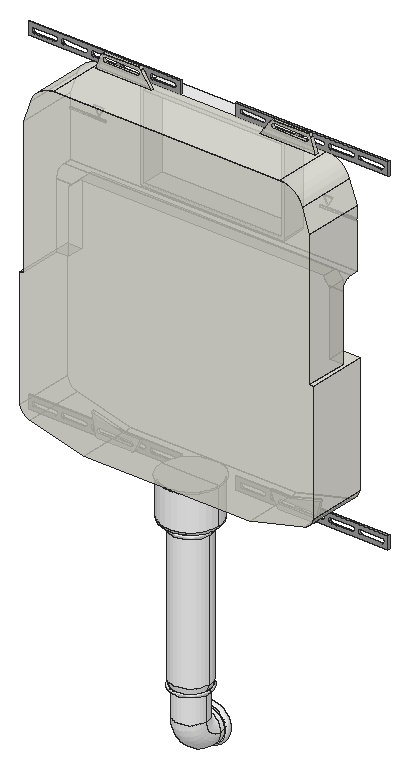
Revit family "Concealed Cistern - Back to Wall Pans", category Plumbing Fixtures, host Wall, Revit 2024
Family settings
  Host = Wall
  Round Connector Dimension = Use Diameter
  Part Type = Normal
  OmniClass Number = 23.45.00.00
  OmniClass Title = Sanitary, Laundry, and Cleaning Equipment
  Enable Cutting in Views = No
  Always vertical = Yes
  Cut with Voids When Loaded = No
  Maintain Annotation Orientation = No
  Shared = No
  Room Calculation Point = No
Parameters (values of type "Concealed Cistern - Back to Wall Pans")
  URL = "https://www.lecicosa.co.za/product/lecico-concealed-cistern-back-to-wall/"
  Technical Dimensions = "W460 x H545 x D93mm"
  Tank = Plastic
  Product Code = "LECCONCISBTW0BC"
  Model = "Concealed Cistern - Back to Wall Pans"
  Material = "HDPE (High-Density Polyethylene"
  Manufacturer = "Lecico SA"
  Drainage = PVC
  Default Elevation = 0 mm
  Created By = "Knowbility Skills Lab"
  Category = "Concealed Cisterns"
  Brackets = Steel
Reference planes
  plane 1: y = 0
  plane 2 "Center (Left/Right)": x = 125
  plane 3 "Back": y = 75
  plane 4: z = 1000
Lines and regions (mm)
  Opening 1
    outline origin (-5000, -75, 0) x (1, 0, 0) y (0, 0, 1)
      loop
        line (5425, 1150) -> (4825, 1150) -> (4825, 520) -> (5045, 520) -> (5045, 0) -> (5205, 0) -> (5205, 520) -> (5425, 520) -> (5425, 1150)
Text (mm)
  text "Placement side" at (-1787.139, 592.35, 0), in view "Ref. Level"
  text "Placement side" at (0, 230.823, 2917.686), in view "Left"
  text "Placement side" at (0, 562.268, 3853.606), in view "Right"
Dimensions and locks
  locked: plane 3 "Back" to host wall
  locked: level to plane 4 at 1000
  aligned and locked: host wall to plane 1
  aligned and locked: nested 1 to plane 2 "Center (Left/Right)"
  aligned and locked: host wall to nested 1
Nested families
  nested 1: "Concealed Cistern - CJ703" at (125, -53, 560.444) x (-1, 0, 0) z (0, 0, 1), type "Concealed Cistern - CJ703"
Definition of nested family "Concealed Cistern - CJ703"
  Parameters (values of type "Concealed Cistern - CJ703")
    Steel = none
    Pipes = none
    Enclosure = none
    Default Elevation = 0 mm
  Reference planes
    plane 1 "Center (Front/Back)": y = 0
    plane 2: z = 0
    plane 3 "Center (Left/Right)": x = 0
    plane 4: y = -93
    plane 5: x = -230
    plane 6: x = 230
    plane 7: z = 545
    plane 8: z = 22.5
    plane 9: z = 522.5
    plane 10: z = 439.556
  Forms (mm)
    Extrusion 1, solid, material <- "Enclosure"
      sketch origin (0, 0, 0) x (1, 0, 0) y (0, 0, 1)
        loop
          line (-130.261, 22.5) -> (130.261, 22.5) -> (214.559, 43.518)
          arc (214.559, 43.518) -> (224.7, 49.913) -> (230, 60.667) r 22.065
          line (230, 60.667) -> (230, 247.965) -> (205.783, 247.965) -> (205.783, 346.654) -> (192.376, 360.061) -> (-192.376, 360.061) -> (-204.186, 348.25) -> (-204.186, 247.965) -> (-230, 247.965) -> (-230, 60.667)
          arc (-230, 60.667) -> (-224.7, 49.913) -> (-214.559, 43.518) r 22.065
          line (-214.559, 43.518) -> (-130.261, 22.5)
      from 0 to 93
    Extrusion 2, solid, material <- "Enclosure"
      sketch origin (0, 0, 0) x (1, 0, 0) y (0, 0, 1)
        loop
          line (-225, 247.965) -> (225, 247.965) -> (225, 460.065) -> (213.605, 493.158)
          arc (213.605, 493.158) -> (199.911, 511.664) -> (178.079, 518.969) r 38.279
          line (178.079, 518.969) -> (-176.743, 518.969)
          arc (-176.743, 518.969) -> (-199.367, 512.052) -> (-213.605, 493.158) r 38.279
          line (-213.605, 493.158) -> (-225, 460.065) -> (-225, 247.965)
      from 0 to 93
    Extrusion 3, void
      sketch origin (0, 0, 0) x (0, 1, 0) y (0, 0, 1)
        loop
          line (-65.312, 247.965) -> (-65.312, 350.991)
          arc (-65.312, 350.991) -> (-69.86, 361.969) -> (-80.837, 366.516) r 15.525
          line (-80.837, 366.516) -> (-93, 366.516) -> (-93, 247.965) -> (-65.312, 247.965)
      from -309.726 to 250
    Extrusion 4, void
      sketch origin (0, 0, 0) x (1, 0, 0) y (0, 0, 1)
        loop
          line (-225, 438.056) -> (-167.956, 438.056) -> (-167.956, 441.056) -> (-225, 441.056) -> (-225, 438.056)
      from 91 to 93
    Extrusion 5, void
      sketch origin (0, 0, 0) x (1, 0, 0) y (0, 0, 1)
        loop
          line (-179.643, 442.959) -> (-171.355, 457.056) -> (-187.139, 457.056) -> (-179.643, 442.959)
      from 91 to 93
    Extrusion 6, void
      sketch origin (0, 0, 0) x (-1, 0, 0) y (0, 0, -1)
        loop
          line (-225, -438.056) -> (-225, -441.056) -> (-167.956, -441.056) -> (-167.956, -438.056) -> (-225, -438.056)
      from 91 to 93
    Extrusion 7, void
      sketch origin (0, 0, 0) x (-1, 0, 0) y (0, 0, -1)
        loop
          line (-179.643, -442.959) -> (-187.139, -457.056) -> (-171.355, -457.056) -> (-179.643, -442.959)
      from 91 to 93
    Extrusion 8, solid, material <- "Pipes"
      sketch origin (0, 0, 0) x (1, 0, 0) y (0, 0, 1)
        loop
          line (-108.014, 369.516) -> (111.773, 369.516)
          arc (111.773, 369.516) -> (113.894, 370.395) -> (114.773, 372.516) r 3
          line (114.773, 372.516) -> (114.773, 506.5)
          arc (114.773, 506.5) -> (113.894, 508.621) -> (111.773, 509.5) r 3
          line (111.773, 509.5) -> (-108.014, 509.5)
          arc (-108.014, 509.5) -> (-110.135, 508.621) -> (-111.014, 506.5) r 3
          line (-111.014, 506.5) -> (-111.014, 372.516)
          arc (-111.014, 372.516) -> (-110.135, 370.395) -> (-108.014, 369.516) r 3
        loop
          line (109.773, 504.5) -> (-106.014, 504.5) -> (-106.014, 374.516) -> (109.773, 374.516) -> (109.773, 504.5)
      from 93 to 128
    Extrusion 9, solid, material <- "Enclosure"
      sketch origin (0, 0, 0) x (1, 0, 0) y (0, 0, 1)
        loop
          line (-172.784, 518.969) -> (-85.082, 518.969) -> (-101.517, 542.441)
          arc (-101.517, 542.441) -> (-103.662, 544.322) -> (-106.432, 545) r 6
          line (-106.432, 545) -> (-161.208, 545)
          arc (-161.208, 545) -> (-163.268, 543.605) -> (-164.585, 541.495) r 6
          line (-164.585, 541.495) -> (-172.784, 518.969)
        loop
          arc (-157.413, 540.009) -> (-160.877, 536.545) -> (-157.413, 533.081) r 3.464
          line (-157.413, 533.081) -> (-107.413, 533.081)
          arc (-107.413, 533.081) -> (-103.949, 536.545) -> (-107.413, 540.009) r 3.464
          line (-107.413, 540.009) -> (-157.413, 540.009)
        loop
          line (172.784, 518.969) -> (164.585, 541.495)
          arc (164.585, 541.495) -> (163.268, 543.605) -> (161.208, 545) r 6
          line (161.208, 545) -> (106.432, 545)
          arc (106.432, 545) -> (103.662, 544.322) -> (101.517, 542.441) r 6
          line (101.517, 542.441) -> (85.082, 518.969) -> (172.784, 518.969)
        loop
          line (157.413, 540.009) -> (107.413, 540.009)
          arc (107.413, 540.009) -> (103.949, 536.545) -> (107.413, 533.081) r 3.464
          line (107.413, 533.081) -> (157.413, 533.081)
          arc (157.413, 533.081) -> (160.877, 536.545) -> (157.413, 540.009) r 3.464
        loop
          line (179.609, 34.804) -> (101.585, 22.5) -> (111.576, 3.237)
          arc (111.576, 3.237) -> (113.785, 0.873) -> (116.902, 0) r 6
          line (116.902, 0) -> (167.346, 0)
          arc (167.346, 0) -> (171.121, 1.337) -> (173.214, 4.751) r 6
          line (173.214, 4.751) -> (179.609, 34.804)
        loop
          arc (167.243, 7.755) -> (170.707, 11.219) -> (167.243, 14.683) r 3.464
          line (167.243, 14.683) -> (117.224, 14.683)
          arc (117.224, 14.683) -> (113.759, 11.219) -> (117.224, 7.755) r 3.464
          line (117.224, 7.755) -> (167.243, 7.755)
        loop
          line (-179.609, 34.804) -> (-173.214, 4.751)
          arc (-173.214, 4.751) -> (-171.121, 1.337) -> (-167.346, 0) r 6
          line (-167.346, 0) -> (-116.902, 0)
          arc (-116.902, 0) -> (-113.785, 0.873) -> (-111.576, 3.237) r 6
          line (-111.576, 3.237) -> (-101.585, 22.5) -> (-179.609, 34.804)
        loop
          line (-167.243, 7.755) -> (-117.224, 7.755)
          arc (-117.224, 7.755) -> (-113.759, 11.219) -> (-117.224, 14.683) r 3.464
          line (-117.224, 14.683) -> (-167.243, 14.683)
          arc (-167.243, 14.683) -> (-170.707, 11.219) -> (-167.243, 7.755) r 3.464
      from 76.779 to 81.748
    Extrusion 10, solid, material <- "Steel"
      sketch origin (0, -81.748, 0) x (1, 0, 0) y (0, 0, 1)
        loop
          line (-282.267, 526.233) -> (-43.563, 526.233) -> (-43.563, 546.233) -> (-282.267, 546.233) -> (-282.267, 526.233)
        loop
          arc (-272.452, 540.233) -> (-276.452, 536.233) -> (-272.452, 532.233) r 4
          line (-272.452, 532.233) -> (-239.908, 532.233)
          arc (-239.908, 532.233) -> (-235.908, 536.233) -> (-239.908, 540.233) r 4
          line (-239.908, 540.233) -> (-272.452, 540.233)
        loop
          arc (-226, 540.233) -> (-230, 536.233) -> (-226, 532.233) r 4
          line (-226, 532.233) -> (-193.456, 532.233)
          arc (-193.456, 532.233) -> (-189.456, 536.233) -> (-193.456, 540.233) r 4
          line (-193.456, 540.233) -> (-226, 540.233)
        loop
          arc (-179.286, 540.233) -> (-183.286, 536.233) -> (-179.286, 532.233) r 4
          line (-179.286, 532.233) -> (-146.742, 532.233)
          arc (-146.742, 532.233) -> (-142.742, 536.233) -> (-146.742, 540.233) r 4
          line (-146.742, 540.233) -> (-179.286, 540.233)
        loop
          arc (-133.631, 540.233) -> (-137.631, 536.233) -> (-133.631, 532.233) r 4
          line (-133.631, 532.233) -> (-101.088, 532.233)
          arc (-101.088, 532.233) -> (-97.088, 536.233) -> (-101.088, 540.233) r 4
          line (-101.088, 540.233) -> (-133.631, 540.233)
        loop
          arc (-86.634, 540.233) -> (-90.634, 536.233) -> (-86.634, 532.233) r 4
          line (-86.634, 532.233) -> (-54.09, 532.233)
          arc (-54.09, 532.233) -> (-50.09, 536.233) -> (-54.09, 540.233) r 4
          line (-54.09, 540.233) -> (-86.634, 540.233)
        loop
          line (282.267, 526.233) -> (282.267, 546.233) -> (43.563, 546.233) -> (43.563, 526.233) -> (282.267, 526.233)
        loop
          line (272.452, 540.233) -> (239.908, 540.233)
          arc (239.908, 540.233) -> (235.908, 536.233) -> (239.908, 532.233) r 4
          line (239.908, 532.233) -> (272.452, 532.233)
          arc (272.452, 532.233) -> (276.452, 536.233) -> (272.452, 540.233) r 4
        loop
          line (226, 540.233) -> (193.456, 540.233)
          arc (193.456, 540.233) -> (189.456, 536.233) -> (193.456, 532.233) r 4
          line (193.456, 532.233) -> (226, 532.233)
          arc (226, 532.233) -> (230, 536.233) -> (226, 540.233) r 4
        loop
          line (179.286, 540.233) -> (146.742, 540.233)
          arc (146.742, 540.233) -> (142.742, 536.233) -> (146.742, 532.233) r 4
          line (146.742, 532.233) -> (179.286, 532.233)
          arc (179.286, 532.233) -> (183.286, 536.233) -> (179.286, 540.233) r 4
        loop
          line (133.631, 540.233) -> (101.088, 540.233)
          arc (101.088, 540.233) -> (97.088, 536.233) -> (101.088, 532.233) r 4
          line (101.088, 532.233) -> (133.631, 532.233)
          arc (133.631, 532.233) -> (137.631, 536.233) -> (133.631, 540.233) r 4
        loop
          line (86.634, 540.233) -> (54.09, 540.233)
          arc (54.09, 540.233) -> (50.09, 536.233) -> (54.09, 532.233) r 4
          line (54.09, 532.233) -> (86.634, 532.233)
          arc (86.634, 532.233) -> (90.634, 536.233) -> (86.634, 540.233) r 4
        loop
          line (-282.267, 0.683) -> (-43.563, 0.683) -> (-43.563, 20.683) -> (-282.267, 20.683) -> (-282.267, 0.683)
        loop
          arc (-272.452, 14.683) -> (-276.452, 10.683) -> (-272.452, 6.683) r 4
          line (-272.452, 6.683) -> (-239.908, 6.683)
          arc (-239.908, 6.683) -> (-235.908, 10.683) -> (-239.908, 14.683) r 4
          line (-239.908, 14.683) -> (-272.452, 14.683)
        loop
          arc (-226, 14.683) -> (-230, 10.683) -> (-226, 6.683) r 4
          line (-226, 6.683) -> (-193.456, 6.683)
          arc (-193.456, 6.683) -> (-189.456, 10.683) -> (-193.456, 14.683) r 4
          line (-193.456, 14.683) -> (-226, 14.683)
        loop
          arc (-179.286, 14.683) -> (-183.286, 10.683) -> (-179.286, 6.683) r 4
          line (-179.286, 6.683) -> (-146.742, 6.683)
          arc (-146.742, 6.683) -> (-142.742, 10.683) -> (-146.742, 14.683) r 4
          line (-146.742, 14.683) -> (-179.286, 14.683)
        loop
          arc (-133.631, 14.683) -> (-137.631, 10.683) -> (-133.631, 6.683) r 4
          line (-133.631, 6.683) -> (-101.088, 6.683)
          arc (-101.088, 6.683) -> (-97.088, 10.683) -> (-101.088, 14.683) r 4
          line (-101.088, 14.683) -> (-133.631, 14.683)
        loop
          arc (-86.634, 14.683) -> (-90.634, 10.683) -> (-86.634, 6.683) r 4
          line (-86.634, 6.683) -> (-54.09, 6.683)
          arc (-54.09, 6.683) -> (-50.09, 10.683) -> (-54.09, 14.683) r 4
          line (-54.09, 14.683) -> (-86.634, 14.683)
        loop
          line (282.267, 0.683) -> (282.267, 20.683) -> (43.563, 20.683) -> (43.563, 0.683) -> (282.267, 0.683)
        loop
          line (272.452, 14.683) -> (239.908, 14.683)
          arc (239.908, 14.683) -> (235.908, 10.683) -> (239.908, 6.683) r 4
          line (239.908, 6.683) -> (272.452, 6.683)
          arc (272.452, 6.683) -> (276.452, 10.683) -> (272.452, 14.683) r 4
        loop
          line (226, 14.683) -> (193.456, 14.683)
          arc (193.456, 14.683) -> (189.456, 10.683) -> (193.456, 6.683) r 4
          line (193.456, 6.683) -> (226, 6.683)
          arc (226, 6.683) -> (230, 10.683) -> (226, 14.683) r 4
        loop
          line (179.286, 14.683) -> (146.742, 14.683)
          arc (146.742, 14.683) -> (142.742, 10.683) -> (146.742, 6.683) r 4
          line (146.742, 6.683) -> (179.286, 6.683)
          arc (179.286, 6.683) -> (183.286, 10.683) -> (179.286, 14.683) r 4
        loop
          line (133.631, 14.683) -> (101.088, 14.683)
          arc (101.088, 14.683) -> (97.088, 10.683) -> (101.088, 6.683) r 4
          line (101.088, 6.683) -> (133.631, 6.683)
          arc (133.631, 6.683) -> (137.631, 10.683) -> (133.631, 14.683) r 4
        loop
          line (86.634, 14.683) -> (54.09, 14.683)
          arc (54.09, 14.683) -> (50.09, 10.683) -> (54.09, 6.683) r 4
          line (54.09, 6.683) -> (86.634, 6.683)
          arc (86.634, 6.683) -> (90.634, 10.683) -> (86.634, 14.683) r 4
      from 0 to 2
    Revolve 11, solid, material <- "Pipes"
      sketch origin (0, -46.875, 0) x (1, 0, 0) y (0, 0, 1)
        loop
          line (25.894, -38.263) -> (40.563, -38.263)
          arc (40.563, -38.263) -> (42.685, -37.384) -> (43.563, -35.263) r 3
          line (43.563, -35.263) -> (43.563, 20)
          arc (43.563, 20) -> (44.296, 21.768) -> (46.063, 22.5) r 2.5
          line (46.063, 22.5) -> (0, 22.5) -> (0, -273.909) -> (28.988, -273.909)
          arc (28.988, -273.909) -> (30.579, -272.318) -> (28.988, -270.727) r 1.591
          line (28.988, -270.727) -> (27.531, -270.727) -> (29.876, -261.974) -> (29.876, -50.826)
          arc (29.876, -50.826) -> (31.909, -48.792) -> (29.876, -46.759) r 2.033
          line (29.876, -46.759) -> (25.894, -46.759) -> (25.894, -38.263)
        axis (0, 22.5) -> (0, -273.909)
      angle from 0 to 360
    Sweep 12, solid, material <- "Pipes"
      path origin (0, 0, 0) x (0, 1, 0) y (0, 0, 1)
        loop
          line (-46.875, -270.727) -> (-46.875, -315.89)
          arc (-46.875, -315.89) -> (-54.783, -334.982) -> (-73.875, -342.89) r 27
          line (-73.875, -342.89) -> (-91.404, -342.89)
      profile origin (0, -46.875, -293.308) x (1, 0, 0) y (0, 1, 0)
        loop
          circle (0, 0) r 25
        loop
          circle (0, 0) r 23
    Revolve 13, solid, material <- "Pipes"
      sketch origin (0, 0, 0) x (0, 1, 0) y (0, 0, 1)
        loop
          line (-91.404, -317.89) -> (-81.404, -317.89) -> (-81.404, -315.658)
          arc (-81.404, -315.658) -> (-86.404, -313.425) -> (-91.404, -315.658) r 6.716
          line (-91.404, -315.658) -> (-91.404, -317.89)
        axis (-81.404, -342.89) -> (-91.404, -342.89)
      angle from 0 to 360
  Cuts and joins
    Extrusion 3, Extrusion 4, Extrusion 5, Extrusion 6, Extrusion 7 cuts Extrusion 2
    joined: Extrusion 1, Extrusion 2, Extrusion 9
    joined: Sweep 12, Revolve 13
  Dimensions and locks
    locked: plane 4 to plane 1 "Center (Front/Back)" at 93
    equal spacing: plane 5, plane 3 "Center (Left/Right)", plane 6
    locked: plane 5 to plane 3 "Center (Left/Right)" at 230
    locked: plane 7 to plane 2 at 545
    locked: plane 9 to plane 8 at 500
    aligned and locked: level to plane 2
    aligned and locked: Extrusion 1 to plane 1 "Center (Front/Back)"
    aligned and locked: Extrusion 1 to plane 4
    aligned and locked: plane 4 to Extrusion 8
  Automatic sketch dimensions
    Extrusion 1 sketch curve to plane 5 = 0 mm
    Extrusion 1 sketch curve to plane 6 = 0 mm
    plane 5 to Extrusion 1 sketch curve = 15.441 mm
    plane 5 to Extrusion 1 sketch curve = 21.697 mm
    plane 5 to Extrusion 1 sketch curve = 25.814 mm
    Extrusion 1 sketch curve to Extrusion 1 sketch curve = 11.81 mm  (x2)
    Extrusion 1 sketch curve to plane 6 = 37.624 mm
    Extrusion 1 sketch curve to Extrusion 1 sketch curve = 13.407 mm
    Extrusion 1 sketch curve to plane 6 = 21.697 mm
    Extrusion 1 sketch curve to plane 6 = 15.441 mm
    plane 8 to Extrusion 1 sketch curve = 21.018 mm  (x2)
    Extrusion 1 sketch curve to Extrusion 1 sketch curve = 17.149 mm  (x2)
    Extrusion 1 sketch curve to Extrusion 1 sketch curve = 183.288 mm  (x2)
    Extrusion 1 sketch curve to Extrusion 1 sketch curve = 98.688 mm
    Extrusion 1 sketch curve to Extrusion 1 sketch curve = 100.285 mm
    plane 5 to Extrusion 2 sketch curve = 5 mm
    plane 5 to Extrusion 2 sketch curve = 16.395 mm
    Extrusion 2 sketch curve to Extrusion 2 sketch curve = 36.194 mm
    plane 9 to Extrusion 2 sketch curve = 3.531 mm
    Extrusion 2 sketch curve to Extrusion 2 sketch curve = 0.668 mm  (x2)
    Extrusion 2 sketch curve to plane 6 = 52.589 mm
    Extrusion 2 sketch curve to plane 6 = 16.395 mm
    Extrusion 2 sketch curve to plane 6 = 5 mm
    Extrusion 2 sketch curve to Extrusion 2 sketch curve = 25.811 mm  (x2)
    Extrusion 2 sketch curve to Extrusion 2 sketch curve = 33.093 mm  (x2)
    Extrusion 2 sketch curve to Extrusion 2 sketch curve = 212.1 mm
    Extrusion 3 sketch curve to plane 4 = 0 mm
    plane 4 to Extrusion 3 sketch curve = 12.163 mm
    Extrusion 3 sketch curve to Extrusion 3 sketch curve = 15.525 mm
    plane 8 to Extrusion 3 sketch curve = 225.465 mm
    Extrusion 3 sketch curve to Extrusion 3 sketch curve = 103.026 mm
    plane 5 to Extrusion 4 sketch curve = 5 mm
    Extrusion 4 sketch curve to Extrusion 4 sketch curve = 57.044 mm
    plane 9 to Extrusion 4 sketch curve = 84.444 mm
    Extrusion 4 sketch curve to Extrusion 4 sketch curve = 3 mm
    plane 5 to Extrusion 5 sketch curve = 42.861 mm
    Extrusion 5 sketch curve to Extrusion 5 sketch curve = 7.495 mm
    Extrusion 5 sketch curve to Extrusion 5 sketch curve = 15.784 mm
    plane 9 to Extrusion 5 sketch curve = 79.541 mm
    Extrusion 5 sketch curve to Extrusion 5 sketch curve = 14.097 mm
    Extrusion 6 sketch curve to plane 6 = 5 mm
    Extrusion 6 sketch curve to Extrusion 6 sketch curve = 57.044 mm
    plane 9 to Extrusion 6 sketch curve = 81.444 mm
    Extrusion 6 sketch curve to Extrusion 6 sketch curve = 3 mm
    Extrusion 7 sketch curve to plane 6 = 42.861 mm
    Extrusion 7 sketch curve to Extrusion 7 sketch curve = 7.495 mm
    Extrusion 7 sketch curve to Extrusion 7 sketch curve = 15.784 mm
    plane 9 to Extrusion 7 sketch curve = 65.444 mm
    Extrusion 7 sketch curve to Extrusion 7 sketch curve = 14.097 mm
    Extrusion 8 sketch curve to plane 3 "Center (Left/Right)" = 111.014 mm
    Extrusion 8 sketch curve to Extrusion 8 sketch curve = 3 mm
    plane 3 "Center (Left/Right)" to Extrusion 8 sketch curve = 111.773 mm
    plane 9 to Extrusion 8 sketch curve = 16 mm
    Extrusion 8 sketch curve to Extrusion 8 sketch curve = 133.984 mm
    Extrusion 9 sketch curve to level = 0 mm  (x2)
    Extrusion 9 sketch curve to plane 7 = 0 mm  (x2)
    Extrusion 9 sketch curve to plane 8 = 0 mm  (x2)
    plane 8 to Extrusion 9 sketch curve = 12.304 mm  (x2)
    plane 5 to Extrusion 9 sketch curve = 50.391 mm
    level to Extrusion 9 sketch curve = 4.751 mm  (x2)
    Extrusion 9 sketch curve to Extrusion 9 sketch curve = 6.395 mm
    plane 9 to Extrusion 9 sketch curve = 3.531 mm  (x2)
    plane 5 to Extrusion 9 sketch curve = 57.216 mm
    level to Extrusion 9 sketch curve = 6 mm
    Extrusion 9 sketch curve to Extrusion 9 sketch curve = 0.103 mm  (x2)
    Extrusion 9 sketch curve to plane 7 = 3.505 mm  (x2)
    Extrusion 9 sketch curve to Extrusion 9 sketch curve = 8.199 mm
    Extrusion 9 sketch curve to Extrusion 9 sketch curve = 3.376 mm  (x2)
    Extrusion 9 sketch curve to plane 7 = 5.557 mm
    Extrusion 9 sketch curve to Extrusion 9 sketch curve = 1.534 mm  (x2)
    Extrusion 9 sketch curve to plane 8 = 7.817 mm
    Extrusion 9 sketch curve to Extrusion 9 sketch curve = 50.019 mm  (x2)
    Extrusion 9 sketch curve to Extrusion 9 sketch curve = 0.322 mm  (x2)
    level to Extrusion 9 sketch curve = 3.237 mm  (x2)
    Extrusion 9 sketch curve to Extrusion 9 sketch curve = 5.326 mm  (x2)
    Extrusion 9 sketch curve to plane 7 = 8.455 mm
    Extrusion 9 sketch curve to Extrusion 9 sketch curve = 50 mm  (x2)
    Extrusion 9 sketch curve to Extrusion 9 sketch curve = 0.981 mm  (x2)
    Extrusion 9 sketch curve to Extrusion 9 sketch curve = 15.639 mm
    Extrusion 9 sketch curve to plane 7 = 2.559 mm  (x2)
    Extrusion 9 sketch curve to Extrusion 9 sketch curve = 4.915 mm
    Extrusion 9 sketch curve to Extrusion 9 sketch curve = 22.331 mm
    plane 3 "Center (Left/Right)" to Extrusion 9 sketch curve = 85.082 mm
    Extrusion 9 sketch curve to Extrusion 9 sketch curve = 16.436 mm
    plane 3 "Center (Left/Right)" to Extrusion 9 sketch curve = 101.585 mm
    Extrusion 9 sketch curve to plane 7 = 6 mm
    Extrusion 9 sketch curve to Extrusion 9 sketch curve = 9.991 mm
    Extrusion 9 sketch curve to plane 7 = 4.991 mm
    Extrusion 9 sketch curve to Extrusion 9 sketch curve = 2.262 mm
    level to Extrusion 9 sketch curve = 7.755 mm
    Extrusion 9 sketch curve to Extrusion 9 sketch curve = 15.371 mm
    Extrusion 9 sketch curve to Extrusion 9 sketch curve = 5.869 mm
    Extrusion 9 sketch curve to Extrusion 9 sketch curve = 12.366 mm
    Extrusion 9 sketch curve to Extrusion 9 sketch curve = 1.755 mm
    Extrusion 9 sketch curve to Extrusion 9 sketch curve = 3.464 mm  (x2)
    Extrusion 9 sketch curve to Extrusion 9 sketch curve = 6.362 mm
    plane 8 to Extrusion 1 sketch curve = 0 mm
    Extrusion 1 sketch curve to Extrusion 1 sketch curve = 84.297 mm  (x2)
    Extrusion 10 sketch curve to Extrusion 9 = 6.848 mm  (x2)
    Extrusion 10 sketch curve to Extrusion 9 = 1.867 mm
    Extrusion 10 sketch curve to Extrusion 9 = 6 mm  (x2)
    Extrusion 10 sketch curve to Extrusion 10 sketch curve = 0 mm
    Extrusion 10 sketch curve to Extrusion 9 = 0.224 mm  (x7)
    Extrusion 10 sketch curve to Extrusion 10 sketch curve = 9.815 mm  (x4)
    Extrusion 9 to Extrusion 10 sketch curve = 8 mm  (x7)
    Extrusion 10 sketch curve to Extrusion 10 sketch curve = 32.544 mm  (x20)
    Extrusion 10 sketch curve to Extrusion 10 sketch curve = 13.908 mm  (x4)
    Extrusion 9 to Extrusion 10 sketch curve = 4 mm  (x6)
    Extrusion 10 sketch curve to Extrusion 9 = 0 mm  (x5)
    Extrusion 9 to Extrusion 10 sketch curve = 3.152 mm  (x6)
    Extrusion 10 sketch curve to Extrusion 10 sketch curve = 14.17 mm  (x4)
    Extrusion 10 sketch curve to Extrusion 9 = 0.848 mm  (x7)
    Extrusion 10 sketch curve to Extrusion 10 sketch curve = 13.111 mm  (x4)
    Extrusion 10 sketch curve to Extrusion 10 sketch curve = 14.454 mm  (x4)
    Extrusion 10 sketch curve to Extrusion 10 sketch curve = 10.527 mm  (x4)
    Extrusion 10 sketch curve to Extrusion 10 sketch curve = 87.127 mm  (x2)
    Extrusion 9 to Extrusion 10 sketch curve = 1.233 mm  (x2)
    Extrusion 10 sketch curve to Extrusion 9 = 7.072 mm  (x2)
    Extrusion 10 sketch curve to Extrusion 10 sketch curve = 4 mm  (x2)
    Revolve 11 sketch curve to plane 3 "Center (Left/Right)" = 0 mm  (x2)
    Revolve 11 sketch curve to plane 8 = 0 mm
    plane 3 "Center (Left/Right)" to Revolve 11 sketch curve = 25.894 mm
    plane 3 "Center (Left/Right)" to Revolve 11 sketch curve = 27.531 mm
    Revolve 11 sketch curve to Revolve 11 sketch curve = 3.982 mm
    Revolve 11 sketch curve to Revolve 11 sketch curve = 14.67 mm
    Revolve 11 sketch curve to plane 8 = 2.5 mm
    plane 3 "Center (Left/Right)" to Revolve 11 sketch curve = 43.563 mm
    Revolve 11 sketch curve to level = 35.263 mm
    Revolve 11 sketch curve to Revolve 11 sketch curve = 8.496 mm
    Revolve 11 sketch curve to Revolve 11 sketch curve = 2.033 mm
    Revolve 11 sketch curve to Revolve 11 sketch curve = 211.148 mm
    Revolve 11 sketch curve to Revolve 11 sketch curve = 128.591 mm
    plane 8 to Revolve 11 sketch curve = 25 mm
    Revolve 11 sketch curve to Revolve 11 sketch curve = 8.753 mm
    Revolve 11 sketch curve to Revolve 11 sketch curve = 1.457 mm
    Sweep 12 sketch curve to plane 3 "Center (Left/Right)" = 0 mm
    profile plane to Sweep 12 sketch curve = 0 mm
    Sweep 12 sketch curve to Sweep 12 sketch curve = 0 mm  (x2)
    plane 4 to Sweep 12 sketch curve = 19.125 mm
    Sweep 12 sketch curve to Sweep 12 sketch curve = 27 mm
    Sweep 12 sketch curve to level = 342.89 mm
    plane 4 to Sweep 12 sketch curve = 1.596 mm
    Sweep 12 sketch curve to Sweep 12 sketch curve = 45.163 mm
    plane 4 to Revolve 13 sketch curve = 1.596 mm
    Revolve 13 sketch curve to level = 320.141 mm
    Revolve 13 sketch curve to Revolve 13 sketch curve = 2.251 mm
    Revolve 13 sketch curve to plane 4 = 6.886 mm
    plane 4 to Revolve 13 sketch curve = 31.501 mm
    Revolve 13 sketch curve to Revolve 13 sketch curve = 25 mm
    Revolve 13 sketch curve to Revolve 13 sketch curve = 2.232 mm  (x2)
    Revolve 13 sketch curve to Revolve 13 sketch curve = 5 mm
    Extrusion 8 sketch curve to Extrusion 8 sketch curve = 2 mm  (x7)
    radius of Revolve 11 sketch curve = 1.591 mm
    radius of Sweep 12 sketch curve = 25 mm
    radius of Sweep 12 sketch curve = 23 mm
